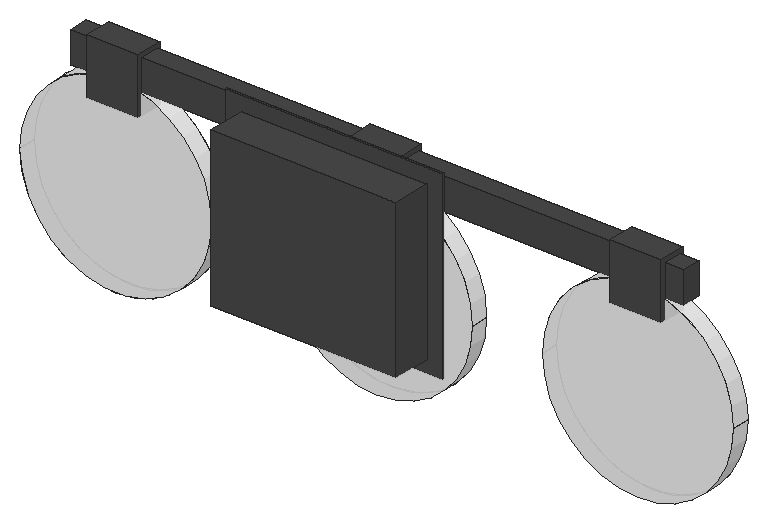
Revit family "3-5052-xx-xx Axiom Wall Sconce", category Luminarias, Revit 2021
Family settings
  Anfitrión = Muro
  Cota de conector redondo = Diámetro de uso
  Tipo de pieza = Normal
  Número OmniClass = 23.80.70.00
  Título OmniClass = Lighting
  Siempre vertical = Sí
  Corte con vacíos al cargar = No
  Origen de luz = Sí
  Compartido = No
  Punto de cálculo de habitación = No
Parameters (values of type "3-5052-15 / Black - ice acrylic")
  Ángulo de inclinación = 90.00°  # constant formula
  Elevación por defecto = 0 mm
  Diffuser = Ice Acrylic
  Comentarios de vataje = "1 x 11.0 W at 120 V"  # constant formula
  Wattage = 11 W
  built-in parameter 1150110 = 1 (stored number, unit not read)
  Voltage Input = "120 V or 277 V - 50/60 Hz"  # constant formula
  Voltage = 120 V
  URL = "www.oxygenlighting.com"
  built-in parameter 1114217 = 1 (stored number, unit not read)
  built-in parameter 1150109 = 1 (stored number, unit not read)
  built-in parameter 1150134 = (empty or 0)
  built-in parameter 1150113 = 1 (stored number, unit not read)
  References = "Ref. 3 = 120 V / Ref. 37 = 277 V"  # constant formula
  Modelo = "3-5052-xx / Axiom Wall Sconce"  # constant formula
  Metal Finish 1 = 15 - Black
  Fabricante = "Oxygen Lighting and Fans"  # constant formula
  Lumens = 704 lm
  built-in parameter 1150115 = 1 (stored number, unit not read)
  built-in parameter 1150105 = 56.023 (stored number, unit not read)
  built-in parameter 1150137 = (empty or 0)
  built-in parameter 1150139 = (empty or 0)
  built-in parameter 1150112 = 1 (stored number, unit not read)
  built-in parameter 1150114 = 1 (stored number, unit not read)
  Lámpara = "LED Array"  # constant formula
  built-in parameter 1150132 = (empty or 0)
  built-in parameter 1150102 = (empty or 0)
  built-in parameter 1150138 = (empty or 0)
  built-in parameter 1150107 = 3000 (stored number, unit not read)
  built-in parameter 1150106 = 0.56023 (stored number, unit not read)
  built-in parameter 1150104 = 5.9458 (stored number, unit not read)
  Dimming Lamp Color Temperature Shift = (empty or 0)
  Color Filter = 16777215
  built-in parameter 1114218 = 1 (stored number, unit not read)
  Archivo de red fotométrica = "3-5052-15 Axiom 3LT.ies"
  built-in parameter 1150133 = 10 (stored number, unit not read)
Types (2, lengths in mm): name | Metal Finish 1
  3-5052-15 / Black - ice acrylic | 15 - Black
  3-5052-40 / Aged Brass - Ice Acrylic | 40 - Aged Brass
Reference planes
  plane 1: y = 0
  plane 2 "Light Source Axis (L/R)": x = 125
  plane 3 "Light Source Axis (F/R)": y = 172.5
  plane 4 "Light Source Elevation": z = 911.371
  plane 5: y = 75
  plane 6: z = 822.5
Text (mm)
  text "Placement side" at (-1787.139, 1116.779, 0), in view "Ref. Level"
  text "Placement side" at (0, 2110.396, 2986.058), in view "Left"
  text "Placement side" at (0, 628.478, 3011.967), in view "Right"
Dimensions and locks
  locked: plane 3 "Light Source Axis (F/R)" to plane 5 at 97.5
  locked: plane 6 to plane 4 "Light Source Elevation" at 88.871
  aligned and locked: plane 1 to host wall
  aligned and locked: plane 4 "Light Source Elevation" to imposter light
  aligned and locked: plane 5 to host wall
  aligned and locked: plane 2 "Light Source Axis (L/R)" to imposter light
  aligned and locked: plane 3 "Light Source Axis (F/R)" to imposter light
  aligned and locked: nested 1 to plane 6
Nested families
  nested 1: "Family1" at (125, 75, 894.714) x (-1, 0, 0) z (0, 0, 1), type "Family1"
Definition of nested family "Family1"
  Parameters (values of type "Family1")
    Metal finish 2 = none
    Metal Finish 1 = none
    Default Elevation = 0 mm
    Diffuser = none
  Reference planes
    plane 1 "Center (Front/Back)": y = 0
    plane 2: z = 0
    plane 3 "Center (Left/Right)": x = 0
  Forms (mm)
    Extrusion 1, solid, material <- "Metal Finish 1"
      sketch origin (0, 0, 0) x (1, 0, 0) y (0, 0, 1)
        loop
          line (-72.214, 60) -> (-72.214, -62.591) -> (72.214, -62.591) -> (72.214, 60) -> (-72.214, 60)
      from 0 to 29.882
    Extrusion 2, solid, material <- "Metal Finish 1"
      sketch origin (0, 0, 0) x (1, 0, 0) y (0, 1, 0)
        loop
          line (-84.665, -29.882) -> (-84.665, -30.878) -> (84.665, -30.878) -> (84.665, -29.882) -> (-84.665, -29.882)
      from -72.214 to 71.773
    Extrusion 3, solid, material <- "Metal Finish 1"
      sketch origin (0, 0, 0) x (1, 0, 0) y (0, 0, 1)
        loop
          line (-19.921, 43.189) -> (-19.921, -0.638) -> (19.921, -0.638) -> (19.921, 43.189) -> (-19.921, 43.189)
      from 68.728 to 89.645
    Extrusion 4, solid, material <- "Diffuser"
      sketch origin (0, 0, 0) x (1, 0, 0) y (0, 0, 1)
        loop
          circle (-203.812, -57.072) r 74.705
        loop
          circle (0, -57.072) r 74.705
        loop
          circle (203.812, -57.072) r 74.705
      from 71.716 to 85.661
    Extrusion 5, solid, material <- "Metal Finish 1"
      sketch origin (0, 0, 0) x (1, 0, 0) y (0, 0, 1)
        loop
          line (-239.055, 40.2) -> (-239.055, 15.299) -> (239.055, 15.299) -> (239.055, 40.2) -> (-239.055, 40.2)
      from 71.716 to 86.657
    Extrusion 6, solid, material <- "Metal Finish 1"
      sketch origin (204.193, 0, 0) x (1, 0, 0) y (0, 0, 1)
        loop
          line (-19.921, 43.189) -> (-19.921, -0.638) -> (19.921, -0.638) -> (19.921, 43.189) -> (-19.921, 43.189)
      from 68.728 to 89.645
    Extrusion 7, solid, material <- "Metal Finish 1"
      sketch origin (-204.193, 0, 0) x (1, 0, 0) y (0, 0, 1)
        loop
          line (-19.921, 43.189) -> (-19.921, -0.638) -> (19.921, -0.638) -> (19.921, 43.189) -> (-19.921, 43.189)
      from 68.728 to 89.645
    Revolve 8, solid, material <- "Metal Finish 1"
      sketch origin (-40, 0, 27.5) x (1, 0, 0) y (0, 1, 0)
        loop
          line (4.789, -30.878) -> (0, -30.878) -> (0, -71.772) -> (4.789, -71.772) -> (4.789, -30.878)
        axis (0, -30.878) -> (0, -71.772)
      angle from 0 to 360
    Revolve 9, solid, material <- "Metal Finish 1"
      sketch origin (39.685, 0, 27.5) x (1, 0, 0) y (0, 1, 0)
        loop
          line (4.789, -30.878) -> (0, -30.878) -> (0, -71.772) -> (4.789, -71.772) -> (4.789, -30.878)
        axis (0, -30.878) -> (0, -71.772)
      angle from 0 to 360
  Dimensions and locks
    aligned and locked: level to plane 2
